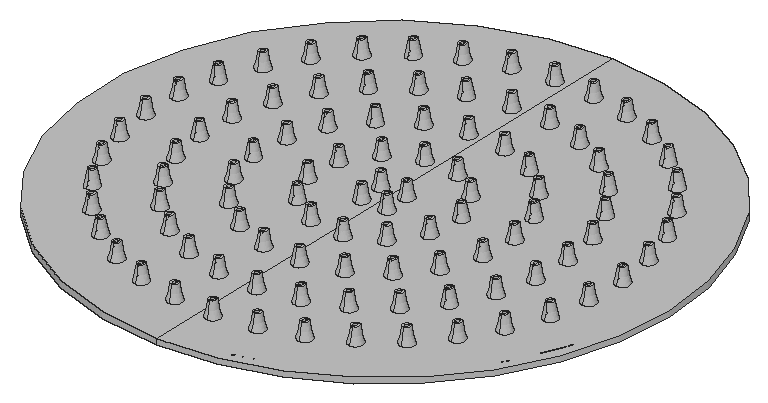
Revit family "Reece_Shower_Milli_Inox_Shower Head_250 mm", category Plumbing Fixtures, host Face, Revit 2018
Family settings
  Host = Face
  Round Connector Dimension = Use Diameter
  Part Type = Normal
  Cut with Voids When Loaded = No
  Shared = Yes
  Room Calculation Point = Yes
Parameters (values of type "Brushed Stainless Steel")
  WFU = 0  # constant formula
  URL = "https://www.reece.com.au/product/-2263355"
  Type Comments = "Shower"
  Reece_Tap_Inlet = 12 mm  # constant formula
  Reece_Product_Web Page = "https://www.reece.com.au/product/-2263355"
  Reece_Product_Type = "Shower"  # constant formula
  Reece_Product_Sub Brand = "Inox"  # constant formula
  Reece_Product_Number = "2263355"
  Reece_Product_Mount = "Ceiling Mounted"
  Reece_Product_Description = "Milli Inox Shower Head 250mm (3 Star)"
  Reece_Product_Brand = "Milli"  # constant formula
  Reece_Overall_Height = 47.5 mm  # constant formula
  Reece_Overall_Diameter = 250 mm  # constant formula
  Reece_Material_Main = Reece_Brass_Brushed Stainless Steel
  Reece_Detail_Shape = "Round"  # constant formula
  Reece_Detail_Disclaimer = "THIS FILE IS THE PROPERTY OF THE REECE GROUP. IT MAY NOT BE REPRODUCED, REVERSE-ENGINEERED OR MODIFIED. ANY REPUBLICATION, TRANSMISSION OR DISTRIBUTION FOR THE PURPOSE OF COMMERCIALLY EXPLOITING THE FILES IS PROHIBITED."  # constant formula
  Reece_Detail_Additional = "Shower Head"  # constant formula
  Model = "Inox"
  Manufacturer = "Milli"
  Keynote = "Product #2263355, Reece_Shower_Milli_Inox_Shower Head_250 mm - Brushed Stainless Steel"
  HWFU = 0  # constant formula
  Disclaimer = "THIS FILE IS THE PROPERTY OF THE REECE GROUP. IT MAY NOT BE REPRODUCED, REVERSE-ENGINEERED OR MODIFIED. ANY REPUBLICATION, TRANSMISSION OR DISTRIBUTION FOR THE PURPOSE OF COMMERCIALLY EXPLOITING THE FILES IS PROHIBITED."  # constant formula
  Description = "Milli Inox Shower Head 250mm"
  Default Elevation = 0 mm
  CWFU = 0  # constant formula
Reference planes
  plane 1 "Center (Front/Back)": y = 0
  plane 2: z = 0
  plane 3 "Center (Left/Right)": x = 0
  plane 4: x = -125
  plane 5: x = 125
  plane 6: y = 125
  plane 7: y = -125
  plane 8: z = 36
  plane 9: z = 47.5
Forms (mm)
  Revolve 1, solid, material "Reece_Brass_Brushed Stainless Steel" <- "Reece_Material_Main"
    sketch origin (0, 0, 35) x (0, 1, 0) y (0, 0, 1)
      loop
        line (0, 12.5) -> (0, 1) -> (103.143, 1) -> (117.002, 10) -> (125, 10) -> (125, 12.5) -> (0, 12.5)
      axis (0, 12.5) -> (0, 1)
    angle from 0 to 360
  Revolve 2, solid, material "Reece_Brass_Brushed Stainless Steel" <- "Reece_Material_Main"
    sketch origin (0, 0, 0) x (0, 1, 0) y (0, 0, 1)
      loop
        line (0, 0) -> (12, 0) -> (12, 10.5) -> (11, 10.5) -> (11, 12.5) -> (8.5, 12.5) -> (8.5, 15.5) -> (11, 16.666) -> (11, 18.5) -> (20, 18.5) -> (20, 36) -> (0, 36) -> (0, 0)
      axis (0, 36) -> (0, 0)
    angle from 0 to 360
  Revolve 3, solid, material "Reece_Brass_Brushed Stainless Steel" <- "Reece_Material_Main", detail levels fine
    sketch origin (-5.915, -54.091, 0) x (0, 1, 0) y (0, 0, 1)
      loop
        line (59.406, 47.5) -> (59.406, 53.464) -> (58.54, 53.464) -> (58.54, 54.266) -> (57.732, 54.266)
        arc (57.732, 54.266) -> (57.288, 50.832) -> (56.352, 47.5) r 23.819
        line (56.352, 47.5) -> (59.406, 47.5)
      axis (59.406, 47.5) -> (59.406, 54.266)
    angle from 0 to 360
  Revolve 4, solid, material "Reece_Brass_Brushed Stainless Steel" <- "Reece_Material_Main", detail levels fine
    sketch origin (-5.638, 53.739, 0) x (0, -1, 0) y (0, 0, -1)
      loop
        line (59.406, -47.5) -> (56.352, -47.5)
        arc (56.352, -47.5) -> (57.288, -50.832) -> (57.732, -54.266) r 23.819
        line (57.732, -54.266) -> (58.54, -54.266) -> (58.54, -53.464) -> (59.406, -53.464) -> (59.406, -47.5)
      axis (59.406, -47.5) -> (59.406, -54.266)
    angle from 0 to 360
  Revolve 5, solid, material "Reece_Brass_Brushed Stainless Steel" <- "Reece_Material_Main", detail levels fine
    sketch origin (5.365, -54.035, 0) x (0, 1, 0) y (0, 0, -1)
      loop
        line (59.406, -47.5) -> (56.352, -47.5)
        arc (56.352, -47.5) -> (57.288, -50.832) -> (57.732, -54.266) r 23.819
        line (57.732, -54.266) -> (58.54, -54.266) -> (58.54, -53.464) -> (59.406, -53.464) -> (59.406, -47.5)
      axis (59.406, -47.5) -> (59.406, -54.266)
    angle from 0 to 360
  Revolve 6, solid, material "Reece_Brass_Brushed Stainless Steel" <- "Reece_Material_Main", detail levels fine
    sketch origin (5.642, 53.684, 0) x (0, -1, 0) y (0, 0, 1)
      loop
        line (59.406, 47.5) -> (59.406, 53.464) -> (58.54, 53.464) -> (58.54, 54.266) -> (57.732, 54.266)
        arc (57.732, 54.266) -> (57.288, 50.832) -> (56.352, 47.5) r 23.819
        line (56.352, 47.5) -> (59.406, 47.5)
      axis (59.406, 47.5) -> (59.406, 54.266)
    angle from 0 to 360
  Revolve 7, solid, material "Reece_Brass_Brushed Stainless Steel" <- "Reece_Material_Main", detail levels fine
    sketch origin (-5.57, -30.349, 0) x (0, 1, 0) y (0, 0, 1)
      loop
        line (59.406, 47.5) -> (59.406, 53.464) -> (58.54, 53.464) -> (58.54, 54.266) -> (57.732, 54.266)
        arc (57.732, 54.266) -> (57.288, 50.832) -> (56.352, 47.5) r 23.819
        line (56.352, 47.5) -> (59.406, 47.5)
      axis (59.406, 47.5) -> (59.406, 54.266)
    angle from 0 to 360
  Revolve 8, solid, material "Reece_Brass_Brushed Stainless Steel" <- "Reece_Material_Main", detail levels fine
    sketch origin (-19.207, -37.001, 0) x (0, 1, 0) y (0, 0, 1)
      loop
        line (59.406, 47.5) -> (59.406, 53.464) -> (58.54, 53.464) -> (58.54, 54.266) -> (57.732, 54.266)
        arc (57.732, 54.266) -> (57.288, 50.832) -> (56.352, 47.5) r 23.819
        line (56.352, 47.5) -> (59.406, 47.5)
      axis (59.406, 47.5) -> (59.406, 54.266)
    angle from 0 to 360
  Revolve 9, solid, material "Reece_Brass_Brushed Stainless Steel" <- "Reece_Material_Main", detail levels fine
    sketch origin (-28.016, -49.666, 0) x (0, 1, 0) y (0, 0, 1)
      loop
        line (59.406, 47.5) -> (59.406, 53.464) -> (58.54, 53.464) -> (58.54, 54.266) -> (57.732, 54.266)
        arc (57.732, 54.266) -> (57.288, 50.832) -> (56.352, 47.5) r 23.819
        line (56.352, 47.5) -> (59.406, 47.5)
      axis (59.406, 47.5) -> (59.406, 54.266)
    angle from 0 to 360
  Revolve 10, solid, material "Reece_Brass_Brushed Stainless Steel" <- "Reece_Material_Main", detail levels fine
    sketch origin (-29.148, -65.062, 0) x (0, 1, 0) y (0, 0, 1)
      loop
        line (59.406, 47.5) -> (59.406, 53.464) -> (58.54, 53.464) -> (58.54, 54.266) -> (57.732, 54.266)
        arc (57.732, 54.266) -> (57.288, 50.832) -> (56.352, 47.5) r 23.819
        line (56.352, 47.5) -> (59.406, 47.5)
      axis (59.406, 47.5) -> (59.406, 54.266)
    angle from 0 to 360
  Revolve 11, solid, material "Reece_Brass_Brushed Stainless Steel" <- "Reece_Material_Main", detail levels fine
    sketch origin (-22.619, -79.06, 0) x (0, 1, 0) y (0, 0, 1)
      loop
        line (59.406, 47.5) -> (59.406, 53.464) -> (58.54, 53.464) -> (58.54, 54.266) -> (57.732, 54.266)
        arc (57.732, 54.266) -> (57.288, 50.832) -> (56.352, 47.5) r 23.819
        line (56.352, 47.5) -> (59.406, 47.5)
      axis (59.406, 47.5) -> (59.406, 54.266)
    angle from 0 to 360
  Revolve 12, solid, material "Reece_Brass_Brushed Stainless Steel" <- "Reece_Material_Main", detail levels fine
    sketch origin (-9.807, -87.517, 0) x (0, 1, 0) y (0, 0, 1)
      loop
        line (59.406, 47.5) -> (59.406, 53.464) -> (58.54, 53.464) -> (58.54, 54.266) -> (57.732, 54.266)
        arc (57.732, 54.266) -> (57.288, 50.832) -> (56.352, 47.5) r 23.819
        line (56.352, 47.5) -> (59.406, 47.5)
      axis (59.406, 47.5) -> (59.406, 54.266)
    angle from 0 to 360
  Revolve 13, solid, material "Reece_Brass_Brushed Stainless Steel" <- "Reece_Material_Main", detail levels fine
    sketch origin (9.656, -31.491, 0) x (0, 1, 0) y (0, 0, -1)
      loop
        line (59.406, -47.5) -> (56.352, -47.5)
        arc (56.352, -47.5) -> (57.288, -50.832) -> (57.732, -54.266) r 23.819
        line (57.732, -54.266) -> (58.54, -54.266) -> (58.54, -53.464) -> (59.406, -53.464) -> (59.406, -47.5)
      axis (59.406, -47.5) -> (59.406, -54.266)
    angle from 0 to 360
  Revolve 14, solid, material "Reece_Brass_Brushed Stainless Steel" <- "Reece_Material_Main", detail levels fine
    sketch origin (22.455, -40.206, 0) x (0, 1, 0) y (0, 0, -1)
      loop
        line (59.406, -47.5) -> (56.352, -47.5)
        arc (56.352, -47.5) -> (57.288, -50.832) -> (57.732, -54.266) r 23.819
        line (57.732, -54.266) -> (58.54, -54.266) -> (58.54, -53.464) -> (59.406, -53.464) -> (59.406, -47.5)
      axis (59.406, -47.5) -> (59.406, -54.266)
    angle from 0 to 360
  Revolve 15, solid, material "Reece_Brass_Brushed Stainless Steel" <- "Reece_Material_Main", detail levels fine
    sketch origin (29.227, -53.912, 0) x (0, 1, 0) y (0, 0, -1)
      loop
        line (59.406, -47.5) -> (56.352, -47.5)
        arc (56.352, -47.5) -> (57.288, -50.832) -> (57.732, -54.266) r 23.819
        line (57.732, -54.266) -> (58.54, -54.266) -> (58.54, -53.464) -> (59.406, -53.464) -> (59.406, -47.5)
      axis (59.406, -47.5) -> (59.406, -54.266)
    angle from 0 to 360
  Revolve 16, solid, material "Reece_Brass_Brushed Stainless Steel" <- "Reece_Material_Main", detail levels fine
    sketch origin (27.773, -69.466, 0) x (0, 1, 0) y (0, 0, -1)
      loop
        line (59.406, -47.5) -> (56.352, -47.5)
        arc (56.352, -47.5) -> (57.288, -50.832) -> (57.732, -54.266) r 23.819
        line (57.732, -54.266) -> (58.54, -54.266) -> (58.54, -53.464) -> (59.406, -53.464) -> (59.406, -47.5)
      axis (59.406, -47.5) -> (59.406, -54.266)
    angle from 0 to 360
  Revolve 17, solid, material "Reece_Brass_Brushed Stainless Steel" <- "Reece_Material_Main", detail levels fine
    sketch origin (19.126, -82.156, 0) x (0, 1, 0) y (0, 0, -1)
      loop
        line (59.406, -47.5) -> (56.352, -47.5)
        arc (56.352, -47.5) -> (57.288, -50.832) -> (57.732, -54.266) r 23.819
        line (57.732, -54.266) -> (58.54, -54.266) -> (58.54, -53.464) -> (59.406, -53.464) -> (59.406, -47.5)
      axis (59.406, -47.5) -> (59.406, -54.266)
    angle from 0 to 360
  Revolve 18, solid, material "Reece_Brass_Brushed Stainless Steel" <- "Reece_Material_Main", detail levels fine
    sketch origin (5.434, -88.987, 0) x (0, 1, 0) y (0, 0, -1)
      loop
        line (59.406, -47.5) -> (56.352, -47.5)
        arc (56.352, -47.5) -> (57.288, -50.832) -> (57.732, -54.266) r 23.819
        line (57.732, -54.266) -> (58.54, -54.266) -> (58.54, -53.464) -> (59.406, -53.464) -> (59.406, -47.5)
      axis (59.406, -47.5) -> (59.406, -54.266)
    angle from 0 to 360
  Revolve 19, solid, material "Reece_Brass_Brushed Stainless Steel" <- "Reece_Material_Main", detail levels fine
    sketch origin (-5.367, -6.648, 0) x (0, 1, 0) y (0, 0, 1)
      loop
        line (59.406, 47.5) -> (59.406, 53.464) -> (58.54, 53.464) -> (58.54, 54.266) -> (57.732, 54.266)
        arc (57.732, 54.266) -> (57.288, 50.832) -> (56.352, 47.5) r 23.819
        line (56.352, 47.5) -> (59.406, 47.5)
      axis (59.406, 47.5) -> (59.406, 54.266)
    angle from 0 to 360
  Revolve 20, solid, material "Reece_Brass_Brushed Stainless Steel" <- "Reece_Material_Main", detail levels fine
    sketch origin (-21.644, -10.896, 0) x (0, 1, 0) y (0, 0, 1)
      loop
        line (59.406, 47.5) -> (59.406, 53.464) -> (58.54, 53.464) -> (58.54, 54.266) -> (57.732, 54.266)
        arc (57.732, 54.266) -> (57.288, 50.832) -> (56.352, 47.5) r 23.819
        line (56.352, 47.5) -> (59.406, 47.5)
      axis (59.406, 47.5) -> (59.406, 54.266)
    angle from 0 to 360
  Revolve 21, solid, material "Reece_Brass_Brushed Stainless Steel" <- "Reece_Material_Main", detail levels fine
    sketch origin (-35.595, -20.018, 0) x (0, 1, 0) y (0, 0, 1)
      loop
        line (59.406, 47.5) -> (59.406, 53.464) -> (58.54, 53.464) -> (58.54, 54.266) -> (57.732, 54.266)
        arc (57.732, 54.266) -> (57.288, 50.832) -> (56.352, 47.5) r 23.819
        line (56.352, 47.5) -> (59.406, 47.5)
      axis (59.406, 47.5) -> (59.406, 54.266)
    angle from 0 to 360
  Revolve 22, solid, material "Reece_Brass_Brushed Stainless Steel" <- "Reece_Material_Main", detail levels fine
    sketch origin (-46.121, -33.022, 0) x (0, 1, 0) y (0, 0, 1)
      loop
        line (59.406, 47.5) -> (59.406, 53.464) -> (58.54, 53.464) -> (58.54, 54.266) -> (57.732, 54.266)
        arc (57.732, 54.266) -> (57.288, 50.832) -> (56.352, 47.5) r 23.819
        line (56.352, 47.5) -> (59.406, 47.5)
      axis (59.406, 47.5) -> (59.406, 54.266)
    angle from 0 to 360
  Revolve 23, solid, material "Reece_Brass_Brushed Stainless Steel" <- "Reece_Material_Main", detail levels fine
    sketch origin (-75.996, -48.126, 0) x (0, 1, 0) y (0, 0, 1)
      loop
        line (59.406, 47.5) -> (59.406, 53.464) -> (58.54, 53.464) -> (58.54, 54.266) -> (57.732, 54.266)
        arc (57.732, 54.266) -> (57.288, 50.832) -> (56.352, 47.5) r 23.819
        line (56.352, 47.5) -> (59.406, 47.5)
      axis (59.406, 47.5) -> (59.406, 54.266)
    angle from 0 to 360
  Revolve 24, solid, material "Reece_Brass_Brushed Stainless Steel" <- "Reece_Material_Main", detail levels fine
    sketch origin (-76.537, -65.301, 0) x (0, 1, 0) y (0, 0, 1)
      loop
        line (59.406, 47.5) -> (59.406, 53.464) -> (58.54, 53.464) -> (58.54, 54.266) -> (57.732, 54.266)
        arc (57.732, 54.266) -> (57.288, 50.832) -> (56.352, 47.5) r 23.819
        line (56.352, 47.5) -> (59.406, 47.5)
      axis (59.406, 47.5) -> (59.406, 54.266)
    angle from 0 to 360
  Revolve 25, solid, material "Reece_Brass_Brushed Stainless Steel" <- "Reece_Material_Main", detail levels fine
    sketch origin (-73.476, -82.078, 0) x (0, 1, 0) y (0, 0, 1)
      loop
        line (59.406, 47.5) -> (59.406, 53.464) -> (58.54, 53.464) -> (58.54, 54.266) -> (57.732, 54.266)
        arc (57.732, 54.266) -> (57.288, 50.832) -> (56.352, 47.5) r 23.819
        line (56.352, 47.5) -> (59.406, 47.5)
      axis (59.406, 47.5) -> (59.406, 54.266)
    angle from 0 to 360
  Revolve 26, solid, material "Reece_Brass_Brushed Stainless Steel" <- "Reece_Material_Main", detail levels fine
    sketch origin (-39.607, -95.299, 0) x (0, 1, 0) y (0, 0, 1)
      loop
        line (59.406, 47.5) -> (59.406, 53.464) -> (58.54, 53.464) -> (58.54, 54.266) -> (57.732, 54.266)
        arc (57.732, 54.266) -> (57.288, 50.832) -> (56.352, 47.5) r 23.819
        line (56.352, 47.5) -> (59.406, 47.5)
      axis (59.406, 47.5) -> (59.406, 54.266)
    angle from 0 to 360
  Revolve 27, solid, material "Reece_Brass_Brushed Stainless Steel" <- "Reece_Material_Main", detail levels fine
    sketch origin (-26.546, -130.642, 0) x (0, 1, 0) y (0, 0, 1)
      loop
        line (84.406, 47.5) -> (84.406, 53.464) -> (83.54, 53.464) -> (83.54, 54.266) -> (82.732, 54.266)
        arc (82.732, 54.266) -> (82.288, 50.832) -> (81.352, 47.5) r 23.819
        line (81.352, 47.5) -> (84.406, 47.5)
      axis (84.406, 47.5) -> (84.406, 54.266)
    angle from 0 to 360
  Revolve 28, solid, material "Reece_Brass_Brushed Stainless Steel" <- "Reece_Material_Main", detail levels fine
    sketch origin (5.202, -137.614, 0) x (0, 1, 0) y (0, 0, 1)
      loop
        line (84.406, 47.5) -> (84.406, 53.464) -> (83.54, 53.464) -> (83.54, 54.266) -> (82.732, 54.266)
        arc (82.732, 54.266) -> (82.288, 50.832) -> (81.352, 47.5) r 23.819
        line (81.352, 47.5) -> (84.406, 47.5)
      axis (84.406, 47.5) -> (84.406, 54.266)
    angle from 0 to 360
  Revolve 29, solid, material "Reece_Brass_Brushed Stainless Steel" <- "Reece_Material_Main", detail levels fine
    sketch origin (21.649, -133.325, 0) x (0, 1, 0) y (0, 0, 1)
      loop
        line (84.406, 47.5) -> (84.406, 53.464) -> (83.54, 53.464) -> (83.54, 54.266) -> (82.732, 54.266)
        arc (82.732, 54.266) -> (82.288, 50.832) -> (81.352, 47.5) r 23.819
        line (81.352, 47.5) -> (84.406, 47.5)
      axis (84.406, 47.5) -> (84.406, 54.266)
    angle from 0 to 360
  Revolve 30, solid, material "Reece_Brass_Brushed Stainless Steel" <- "Reece_Material_Main", detail levels fine
    sketch origin (35.564, -124.309, 0) x (0, 1, 0) y (0, 0, 1)
      loop
        line (84.406, 47.5) -> (84.406, 53.464) -> (83.54, 53.464) -> (83.54, 54.266) -> (82.732, 54.266)
        arc (82.732, 54.266) -> (82.288, 50.832) -> (81.352, 47.5) r 23.819
        line (81.352, 47.5) -> (84.406, 47.5)
      axis (84.406, 47.5) -> (84.406, 54.266)
    angle from 0 to 360
  Revolve 31, solid, material "Reece_Brass_Brushed Stainless Steel" <- "Reece_Material_Main", detail levels fine
    sketch origin (-11.268, -111.643, 0) x (0, 1, 0) y (0, 0, 1)
      loop
        line (59.406, 47.5) -> (59.406, 53.464) -> (58.54, 53.464) -> (58.54, 54.266) -> (57.732, 54.266)
        arc (57.732, 54.266) -> (57.288, 50.832) -> (56.352, 47.5) r 23.819
        line (56.352, 47.5) -> (59.406, 47.5)
      axis (59.406, 47.5) -> (59.406, 54.266)
    angle from 0 to 360
  Revolve 32, solid, material "Reece_Brass_Brushed Stainless Steel" <- "Reece_Material_Main", detail levels fine
    sketch origin (45.981, -86.551, 0) x (0, 1, 0) y (0, 0, 1)
      loop
        line (59.406, 47.5) -> (59.406, 53.464) -> (58.54, 53.464) -> (58.54, 54.266) -> (57.732, 54.266)
        arc (57.732, 54.266) -> (57.288, 50.832) -> (56.352, 47.5) r 23.819
        line (56.352, 47.5) -> (59.406, 47.5)
      axis (59.406, 47.5) -> (59.406, 54.266)
    angle from 0 to 360
  Revolve 33, solid, material "Reece_Brass_Brushed Stainless Steel" <- "Reece_Material_Main", detail levels fine
    sketch origin (51.96, -70.614, 0) x (0, 1, 0) y (0, 0, 1)
      loop
        line (59.406, 47.5) -> (59.406, 53.464) -> (58.54, 53.464) -> (58.54, 54.266) -> (57.732, 54.266)
        arc (57.732, 54.266) -> (57.288, 50.832) -> (56.352, 47.5) r 23.819
        line (56.352, 47.5) -> (59.406, 47.5)
      axis (59.406, 47.5) -> (59.406, 54.266)
    angle from 0 to 360
  Revolve 34, solid, material "Reece_Brass_Brushed Stainless Steel" <- "Reece_Material_Main", detail levels fine
    sketch origin (52.876, -54.116, 0) x (0, 1, 0) y (0, 0, 1)
      loop
        line (59.406, 47.5) -> (59.406, 53.464) -> (58.54, 53.464) -> (58.54, 54.266) -> (57.732, 54.266)
        arc (57.732, 54.266) -> (57.288, 50.832) -> (56.352, 47.5) r 23.819
        line (56.352, 47.5) -> (59.406, 47.5)
      axis (59.406, 47.5) -> (59.406, 54.266)
    angle from 0 to 360
  Revolve 35, solid, material "Reece_Brass_Brushed Stainless Steel" <- "Reece_Material_Main", detail levels fine
    sketch origin (48.559, -38.136, 0) x (0, 1, 0) y (0, 0, 1)
      loop
        line (59.406, 47.5) -> (59.406, 53.464) -> (58.54, 53.464) -> (58.54, 54.266) -> (57.732, 54.266)
        arc (57.732, 54.266) -> (57.288, 50.832) -> (56.352, 47.5) r 23.819
        line (56.352, 47.5) -> (59.406, 47.5)
      axis (59.406, 47.5) -> (59.406, 54.266)
    angle from 0 to 360
  Revolve 36, solid, material "Reece_Brass_Brushed Stainless Steel" <- "Reece_Material_Main", detail levels fine
    sketch origin (39.574, -24.335, 0) x (0, 1, 0) y (0, 0, 1)
      loop
        line (59.406, 47.5) -> (59.406, 53.464) -> (58.54, 53.464) -> (58.54, 54.266) -> (57.732, 54.266)
        arc (57.732, 54.266) -> (57.288, 50.832) -> (56.352, 47.5) r 23.819
        line (56.352, 47.5) -> (59.406, 47.5)
      axis (59.406, 47.5) -> (59.406, 54.266)
    angle from 0 to 360
  Revolve 37, solid, material "Reece_Brass_Brushed Stainless Steel" <- "Reece_Material_Main", detail levels fine
    sketch origin (26.821, -13.678, 0) x (0, 1, 0) y (0, 0, 1)
      loop
        line (59.406, 47.5) -> (59.406, 53.464) -> (58.54, 53.464) -> (58.54, 54.266) -> (57.732, 54.266)
        arc (57.732, 54.266) -> (57.288, 50.832) -> (56.352, 47.5) r 23.819
        line (56.352, 47.5) -> (59.406, 47.5)
      axis (59.406, 47.5) -> (59.406, 54.266)
    angle from 0 to 360
  Revolve 38, solid, material "Reece_Brass_Brushed Stainless Steel" <- "Reece_Material_Main", detail levels fine
    sketch origin (11.238, -7.616, 0) x (0, 1, 0) y (0, 0, 1)
      loop
        line (59.406, 47.5) -> (59.406, 53.464) -> (58.54, 53.464) -> (58.54, 54.266) -> (57.732, 54.266)
        arc (57.732, 54.266) -> (57.288, 50.832) -> (56.352, 47.5) r 23.819
        line (56.352, 47.5) -> (59.406, 47.5)
      axis (59.406, 47.5) -> (59.406, 54.266)
    angle from 0 to 360
  Revolve 39, solid, material "Reece_Brass_Brushed Stainless Steel" <- "Reece_Material_Main", detail levels fine
    sketch origin (-5.268, 16.854, 0) x (0, 1, 0) y (0, 0, 1)
      loop
        line (59.406, 47.5) -> (59.406, 53.464) -> (58.54, 53.464) -> (58.54, 54.266) -> (57.732, 54.266)
        arc (57.732, 54.266) -> (57.288, 50.832) -> (56.352, 47.5) r 23.819
        line (56.352, 47.5) -> (59.406, 47.5)
      axis (59.406, 47.5) -> (59.406, 54.266)
    angle from 0 to 360
  Revolve 40, solid, material "Reece_Brass_Brushed Stainless Steel" <- "Reece_Material_Main", detail levels fine
    sketch origin (-22.729, 13.73, 0) x (0, 1, 0) y (0, 0, 1)
      loop
        line (59.406, 47.5) -> (59.406, 53.464) -> (58.54, 53.464) -> (58.54, 54.266) -> (57.732, 54.266)
        arc (57.732, 54.266) -> (57.288, 50.832) -> (56.352, 47.5) r 23.819
        line (56.352, 47.5) -> (59.406, 47.5)
      axis (59.406, 47.5) -> (59.406, 54.266)
    angle from 0 to 360
  Revolve 41, solid, material "Reece_Brass_Brushed Stainless Steel" <- "Reece_Material_Main", detail levels fine
    sketch origin (-38.259, 7.016, 0) x (0, 1, 0) y (0, 0, 1)
      loop
        line (59.406, 47.5) -> (59.406, 53.464) -> (58.54, 53.464) -> (58.54, 54.266) -> (57.732, 54.266)
        arc (57.732, 54.266) -> (57.288, 50.832) -> (56.352, 47.5) r 23.819
        line (56.352, 47.5) -> (59.406, 47.5)
      axis (59.406, 47.5) -> (59.406, 54.266)
    angle from 0 to 360
  Revolve 42, solid, material "Reece_Brass_Brushed Stainless Steel" <- "Reece_Material_Main", detail levels fine
    sketch origin (-54.933, 24.917, 0) x (0, 1, 0) y (0, 0, 1)
      loop
        line (59.406, 47.5) -> (59.406, 53.464) -> (58.54, 53.464) -> (58.54, 54.266) -> (57.732, 54.266)
        arc (57.732, 54.266) -> (57.288, 50.832) -> (56.352, 47.5) r 23.819
        line (56.352, 47.5) -> (59.406, 47.5)
      axis (59.406, 47.5) -> (59.406, 54.266)
    angle from 0 to 360
  Revolve 43, solid, material "Reece_Brass_Brushed Stainless Steel" <- "Reece_Material_Main", detail levels fine
    sketch origin (-80.595, 0.826, 0) x (0, 1, 0) y (0, 0, 1)
      loop
        line (59.406, 47.5) -> (59.406, 53.464) -> (58.54, 53.464) -> (58.54, 54.266) -> (57.732, 54.266)
        arc (57.732, 54.266) -> (57.288, 50.832) -> (56.352, 47.5) r 23.819
        line (56.352, 47.5) -> (59.406, 47.5)
      axis (59.406, 47.5) -> (59.406, 54.266)
    angle from 0 to 360
  Revolve 44, solid, material "Reece_Brass_Brushed Stainless Steel" <- "Reece_Material_Main", detail levels fine
    sketch origin (-89.68, -13.978, 0) x (0, 1, 0) y (0, 0, 1)
      loop
        line (59.406, 47.5) -> (59.406, 53.464) -> (58.54, 53.464) -> (58.54, 54.266) -> (57.732, 54.266)
        arc (57.732, 54.266) -> (57.288, 50.832) -> (56.352, 47.5) r 23.819
        line (56.352, 47.5) -> (59.406, 47.5)
      axis (59.406, 47.5) -> (59.406, 54.266)
    angle from 0 to 360
  Revolve 45, solid, material "Reece_Brass_Brushed Stainless Steel" <- "Reece_Material_Main", detail levels fine
    sketch origin (-99.943, -47.498, 0) x (0, 1, 0) y (0, 0, 1)
      loop
        line (59.406, 47.5) -> (59.406, 53.464) -> (58.54, 53.464) -> (58.54, 54.266) -> (57.732, 54.266)
        arc (57.732, 54.266) -> (57.288, 50.832) -> (56.352, 47.5) r 23.819
        line (56.352, 47.5) -> (59.406, 47.5)
      axis (59.406, 47.5) -> (59.406, 54.266)
    angle from 0 to 360
  Revolve 46, solid, material "Reece_Brass_Brushed Stainless Steel" <- "Reece_Material_Main", detail levels fine
    sketch origin (-100.557, -64.837, 0) x (0, 1, 0) y (0, 0, 1)
      loop
        line (59.406, 47.5) -> (59.406, 53.464) -> (58.54, 53.464) -> (58.54, 54.266) -> (57.732, 54.266)
        arc (57.732, 54.266) -> (57.288, 50.832) -> (56.352, 47.5) r 23.819
        line (56.352, 47.5) -> (59.406, 47.5)
      axis (59.406, 47.5) -> (59.406, 54.266)
    angle from 0 to 360
  Revolve 47, solid, material "Reece_Brass_Brushed Stainless Steel" <- "Reece_Material_Main", detail levels fine
    sketch origin (-97.917, -82.358, 0) x (0, 1, 0) y (0, 0, 1)
      loop
        line (59.406, 47.5) -> (59.406, 53.464) -> (58.54, 53.464) -> (58.54, 54.266) -> (57.732, 54.266)
        arc (57.732, 54.266) -> (57.288, 50.832) -> (56.352, 47.5) r 23.819
        line (56.352, 47.5) -> (59.406, 47.5)
      axis (59.406, 47.5) -> (59.406, 54.266)
    angle from 0 to 360
  Revolve 48, solid, material "Reece_Brass_Brushed Stainless Steel" <- "Reece_Material_Main", detail levels fine
    sketch origin (-92.473, -99.036, 0) x (0, 1, 0) y (0, 0, 1)
      loop
        line (59.406, 47.5) -> (59.406, 53.464) -> (58.54, 53.464) -> (58.54, 54.266) -> (57.732, 54.266)
        arc (57.732, 54.266) -> (57.288, 50.832) -> (56.352, 47.5) r 23.819
        line (56.352, 47.5) -> (59.406, 47.5)
      axis (59.406, 47.5) -> (59.406, 54.266)
    angle from 0 to 360
  Revolve 49, solid, material "Reece_Brass_Brushed Stainless Steel" <- "Reece_Material_Main", detail levels fine
    sketch origin (-66.457, -122.878, 0) x (0, 1, 0) y (0, 0, 1)
      loop
        line (84.406, 47.5) -> (84.406, 53.464) -> (83.54, 53.464) -> (83.54, 54.266) -> (82.732, 54.266)
        arc (82.732, 54.266) -> (82.288, 50.832) -> (81.352, 47.5) r 23.819
        line (81.352, 47.5) -> (84.406, 47.5)
      axis (84.406, 47.5) -> (84.406, 54.266)
    angle from 0 to 360
  Revolve 50, solid, material "Reece_Brass_Brushed Stainless Steel" <- "Reece_Material_Main", detail levels fine
    sketch origin (-56.559, -136.824, 0) x (0, 1, 0) y (0, 0, 1)
      loop
        line (84.406, 47.5) -> (84.406, 53.464) -> (83.54, 53.464) -> (83.54, 54.266) -> (82.732, 54.266)
        arc (82.732, 54.266) -> (82.288, 50.832) -> (81.352, 47.5) r 23.819
        line (81.352, 47.5) -> (84.406, 47.5)
      axis (84.406, 47.5) -> (84.406, 54.266)
    angle from 0 to 360
  Revolve 51, solid, material "Reece_Brass_Brushed Stainless Steel" <- "Reece_Material_Main", detail levels fine
    sketch origin (-28.315, -156.285, 0) x (0, 1, 0) y (0, 0, 1)
      loop
        line (84.406, 47.5) -> (84.406, 53.464) -> (83.54, 53.464) -> (83.54, 54.266) -> (82.732, 54.266)
        arc (82.732, 54.266) -> (82.288, 50.832) -> (81.352, 47.5) r 23.819
        line (81.352, 47.5) -> (84.406, 47.5)
      axis (84.406, 47.5) -> (84.406, 54.266)
    angle from 0 to 360
  Revolve 52, solid, material "Reece_Brass_Brushed Stainless Steel" <- "Reece_Material_Main", detail levels fine
    sketch origin (-11.589, -160.948, 0) x (0, 1, 0) y (0, 0, 1)
      loop
        line (84.406, 47.5) -> (84.406, 53.464) -> (83.54, 53.464) -> (83.54, 54.266) -> (82.732, 54.266)
        arc (82.732, 54.266) -> (82.288, 50.832) -> (81.352, 47.5) r 23.819
        line (81.352, 47.5) -> (84.406, 47.5)
      axis (84.406, 47.5) -> (84.406, 54.266)
    angle from 0 to 360
  Revolve 53, solid, material "Reece_Brass_Brushed Stainless Steel" <- "Reece_Material_Main", detail levels fine
    sketch origin (5.596, -161.448, 0) x (0, 1, 0) y (0, 0, 1)
      loop
        line (84.406, 47.5) -> (84.406, 53.464) -> (83.54, 53.464) -> (83.54, 54.266) -> (82.732, 54.266)
        arc (82.732, 54.266) -> (82.288, 50.832) -> (81.352, 47.5) r 23.819
        line (81.352, 47.5) -> (84.406, 47.5)
      axis (84.406, 47.5) -> (84.406, 54.266)
    angle from 0 to 360
  Revolve 54, solid, material "Reece_Brass_Brushed Stainless Steel" <- "Reece_Material_Main", detail levels fine
    sketch origin (22.483, -158.308, 0) x (0, 1, 0) y (0, 0, 1)
      loop
        line (84.406, 47.5) -> (84.406, 53.464) -> (83.54, 53.464) -> (83.54, 54.266) -> (82.732, 54.266)
        arc (82.732, 54.266) -> (82.288, 50.832) -> (81.352, 47.5) r 23.819
        line (81.352, 47.5) -> (84.406, 47.5)
      axis (84.406, 47.5) -> (84.406, 54.266)
    angle from 0 to 360
  Revolve 55, solid, material "Reece_Brass_Brushed Stainless Steel" <- "Reece_Material_Main", detail levels fine
    sketch origin (38.096, -151.602, 0) x (0, 1, 0) y (0, 0, 1)
      loop
        line (84.406, 47.5) -> (84.406, 53.464) -> (83.54, 53.464) -> (83.54, 54.266) -> (82.732, 54.266)
        arc (82.732, 54.266) -> (82.288, 50.832) -> (81.352, 47.5) r 23.819
        line (81.352, 47.5) -> (84.406, 47.5)
      axis (84.406, 47.5) -> (84.406, 54.266)
    angle from 0 to 360
  Revolve 56, solid, material "Reece_Brass_Brushed Stainless Steel" <- "Reece_Material_Main", detail levels fine
    sketch origin (63.408, -128.226, 0) x (0, 1, 0) y (0, 0, 1)
      loop
        line (84.406, 47.5) -> (84.406, 53.464) -> (83.54, 53.464) -> (83.54, 54.266) -> (82.732, 54.266)
        arc (82.732, 54.266) -> (82.288, 50.832) -> (81.352, 47.5) r 23.819
        line (81.352, 47.5) -> (84.406, 47.5)
      axis (84.406, 47.5) -> (84.406, 54.266)
    angle from 0 to 360
  Revolve 57, solid, material "Reece_Brass_Brushed Stainless Steel" <- "Reece_Material_Main", detail levels fine
    sketch origin (71.722, -112.95, 0) x (0, 1, 0) y (0, 0, 1)
      loop
        line (84.406, 47.5) -> (84.406, 53.464) -> (83.54, 53.464) -> (83.54, 54.266) -> (82.732, 54.266)
        arc (82.732, 54.266) -> (82.288, 50.832) -> (81.352, 47.5) r 23.819
        line (81.352, 47.5) -> (84.406, 47.5)
      axis (84.406, 47.5) -> (84.406, 54.266)
    angle from 0 to 360
  Revolve 58, solid, material "Reece_Brass_Brushed Stainless Steel" <- "Reece_Material_Main", detail levels fine
    sketch origin (76.046, -71.575, 0) x (0, 1, 0) y (0, 0, 1)
      loop
        line (59.406, 47.5) -> (59.406, 53.464) -> (58.54, 53.464) -> (58.54, 54.266) -> (57.732, 54.266)
        arc (57.732, 54.266) -> (57.288, 50.832) -> (56.352, 47.5) r 23.819
        line (56.352, 47.5) -> (59.406, 47.5)
      axis (59.406, 47.5) -> (59.406, 54.266)
    angle from 0 to 360
  Revolve 59, solid, material "Reece_Brass_Brushed Stainless Steel" <- "Reece_Material_Main", detail levels fine
    sketch origin (76.31, -54.273, 0) x (0, 1, 0) y (0, 0, 1)
      loop
        line (59.406, 47.5) -> (59.406, 53.464) -> (58.54, 53.464) -> (58.54, 54.266) -> (57.732, 54.266)
        arc (57.732, 54.266) -> (57.288, 50.832) -> (56.352, 47.5) r 23.819
        line (56.352, 47.5) -> (59.406, 47.5)
      axis (59.406, 47.5) -> (59.406, 54.266)
    angle from 0 to 360
  Revolve 60, solid, material "Reece_Brass_Brushed Stainless Steel" <- "Reece_Material_Main", detail levels fine
    sketch origin (73.633, -37.299, 0) x (0, 1, 0) y (0, 0, 1)
      loop
        line (59.406, 47.5) -> (59.406, 53.464) -> (58.54, 53.464) -> (58.54, 54.266) -> (57.732, 54.266)
        arc (57.732, 54.266) -> (57.288, 50.832) -> (56.352, 47.5) r 23.819
        line (56.352, 47.5) -> (59.406, 47.5)
      axis (59.406, 47.5) -> (59.406, 54.266)
    angle from 0 to 360
  Revolve 61, solid, material "Reece_Brass_Brushed Stainless Steel" <- "Reece_Material_Main", detail levels fine
    sketch origin (66.47, -21.508, 0) x (0, 1, 0) y (0, 0, 1)
      loop
        line (59.406, 47.5) -> (59.406, 53.464) -> (58.54, 53.464) -> (58.54, 54.266) -> (57.732, 54.266)
        arc (57.732, 54.266) -> (57.288, 50.832) -> (56.352, 47.5) r 23.819
        line (56.352, 47.5) -> (59.406, 47.5)
      axis (59.406, 47.5) -> (59.406, 54.266)
    angle from 0 to 360
  Revolve 62, solid, material "Reece_Brass_Brushed Stainless Steel" <- "Reece_Material_Main", detail levels fine
    sketch origin (56.499, -7.445, 0) x (0, 1, 0) y (0, 0, 1)
      loop
        line (59.406, 47.5) -> (59.406, 53.464) -> (58.54, 53.464) -> (58.54, 54.266) -> (57.732, 54.266)
        arc (57.732, 54.266) -> (57.288, 50.832) -> (56.352, 47.5) r 23.819
        line (56.352, 47.5) -> (59.406, 47.5)
      axis (59.406, 47.5) -> (59.406, 54.266)
    angle from 0 to 360
  Revolve 63, solid, material "Reece_Brass_Brushed Stainless Steel" <- "Reece_Material_Main", detail levels fine
    sketch origin (43.514, 3.756, 0) x (0, 1, 0) y (0, 0, 1)
      loop
        line (59.406, 47.5) -> (59.406, 53.464) -> (58.54, 53.464) -> (58.54, 54.266) -> (57.732, 54.266)
        arc (57.732, 54.266) -> (57.288, 50.832) -> (56.352, 47.5) r 23.819
        line (56.352, 47.5) -> (59.406, 47.5)
      axis (59.406, 47.5) -> (59.406, 54.266)
    angle from 0 to 360
  Revolve 64, solid, material "Reece_Brass_Brushed Stainless Steel" <- "Reece_Material_Main", detail levels fine
    sketch origin (28.432, 11.984, 0) x (0, 1, 0) y (0, 0, 1)
      loop
        line (59.406, 47.5) -> (59.406, 53.464) -> (58.54, 53.464) -> (58.54, 54.266) -> (57.732, 54.266)
        arc (57.732, 54.266) -> (57.288, 50.832) -> (56.352, 47.5) r 23.819
        line (56.352, 47.5) -> (59.406, 47.5)
      axis (59.406, 47.5) -> (59.406, 54.266)
    angle from 0 to 360
  Revolve 65, solid, material "Reece_Brass_Brushed Stainless Steel" <- "Reece_Material_Main", detail levels fine
    sketch origin (11.688, 16.535, 0) x (0, 1, 0) y (0, 0, 1)
      loop
        line (59.406, 47.5) -> (59.406, 53.464) -> (58.54, 53.464) -> (58.54, 54.266) -> (57.732, 54.266)
        arc (57.732, 54.266) -> (57.288, 50.832) -> (56.352, 47.5) r 23.819
        line (56.352, 47.5) -> (59.406, 47.5)
      axis (59.406, 47.5) -> (59.406, 54.266)
    angle from 0 to 360
  Revolve 66, solid, material "Reece_Brass_Brushed Stainless Steel" <- "Reece_Material_Main", detail levels fine
    sketch origin (12.044, 65.116, 0) x (0, 1, 0) y (0, 0, 1)
      loop
        line (34.406, 47.5) -> (34.406, 53.464) -> (33.54, 53.464) -> (33.54, 54.266) -> (32.732, 54.266)
        arc (32.732, 54.266) -> (32.288, 50.832) -> (31.352, 47.5) r 23.819
        line (31.352, 47.5) -> (34.406, 47.5)
      axis (34.406, 47.5) -> (34.406, 54.266)
    angle from 0 to 360
  Revolve 67, solid, material "Reece_Brass_Brushed Stainless Steel" <- "Reece_Material_Main", detail levels fine
    sketch origin (45.468, 55.367, 0) x (0, 1, 0) y (0, 0, 1)
      loop
        line (34.406, 47.5) -> (34.406, 53.464) -> (33.54, 53.464) -> (33.54, 54.266) -> (32.732, 54.266)
        arc (32.732, 54.266) -> (32.288, 50.832) -> (31.352, 47.5) r 23.819
        line (31.352, 47.5) -> (34.406, 47.5)
      axis (34.406, 47.5) -> (34.406, 54.266)
    angle from 0 to 360
  Revolve 68, solid, material "Reece_Brass_Brushed Stainless Steel" <- "Reece_Material_Main", detail levels fine
    sketch origin (60.309, 45.721, 0) x (0, 1, 0) y (0, 0, 1)
      loop
        line (34.406, 47.5) -> (34.406, 53.464) -> (33.54, 53.464) -> (33.54, 54.266) -> (32.732, 54.266)
        arc (32.732, 54.266) -> (32.288, 50.832) -> (31.352, 47.5) r 23.819
        line (31.352, 47.5) -> (34.406, 47.5)
      axis (34.406, 47.5) -> (34.406, 54.266)
    angle from 0 to 360
  Revolve 69, solid, material "Reece_Brass_Brushed Stainless Steel" <- "Reece_Material_Main", detail levels fine
    sketch origin (29.129, 36.804, 0) x (0, 1, 0) y (0, 0, 1)
      loop
        line (59.406, 47.5) -> (59.406, 53.464) -> (58.54, 53.464) -> (58.54, 54.266) -> (57.732, 54.266)
        arc (57.732, 54.266) -> (57.288, 50.832) -> (56.352, 47.5) r 23.819
        line (56.352, 47.5) -> (59.406, 47.5)
      axis (59.406, 47.5) -> (59.406, 54.266)
    angle from 0 to 360
  Revolve 70, solid, material "Reece_Brass_Brushed Stainless Steel" <- "Reece_Material_Main", detail levels fine
    sketch origin (73.403, 9.23, 0) x (0, 1, 0) y (0, 0, 1)
      loop
        line (59.406, 47.5) -> (59.406, 53.464) -> (58.54, 53.464) -> (58.54, 54.266) -> (57.732, 54.266)
        arc (57.732, 54.266) -> (57.288, 50.832) -> (56.352, 47.5) r 23.819
        line (56.352, 47.5) -> (59.406, 47.5)
      axis (59.406, 47.5) -> (59.406, 54.266)
    angle from 0 to 360
  Revolve 71, solid, material "Reece_Brass_Brushed Stainless Steel" <- "Reece_Material_Main", detail levels fine
    sketch origin (84.287, -4.745, 0) x (0, 1, 0) y (0, 0, 1)
      loop
        line (59.406, 47.5) -> (59.406, 53.464) -> (58.54, 53.464) -> (58.54, 54.266) -> (57.732, 54.266)
        arc (57.732, 54.266) -> (57.288, 50.832) -> (56.352, 47.5) r 23.819
        line (56.352, 47.5) -> (59.406, 47.5)
      axis (59.406, 47.5) -> (59.406, 54.266)
    angle from 0 to 360
  Revolve 72, solid, material "Reece_Brass_Brushed Stainless Steel" <- "Reece_Material_Main", detail levels fine
    sketch origin (92.442, -20.024, 0) x (0, 1, 0) y (0, 0, 1)
      loop
        line (59.406, 47.5) -> (59.406, 53.464) -> (58.54, 53.464) -> (58.54, 54.266) -> (57.732, 54.266)
        arc (57.732, 54.266) -> (57.288, 50.832) -> (56.352, 47.5) r 23.819
        line (56.352, 47.5) -> (59.406, 47.5)
      axis (59.406, 47.5) -> (59.406, 54.266)
    angle from 0 to 360
  Revolve 73, solid, material "Reece_Brass_Brushed Stainless Steel" <- "Reece_Material_Main", detail levels fine
    sketch origin (97.825, -36.891, 0) x (0, 1, 0) y (0, 0, 1)
      loop
        line (59.406, 47.5) -> (59.406, 53.464) -> (58.54, 53.464) -> (58.54, 54.266) -> (57.732, 54.266)
        arc (57.732, 54.266) -> (57.288, 50.832) -> (56.352, 47.5) r 23.819
        line (56.352, 47.5) -> (59.406, 47.5)
      axis (59.406, 47.5) -> (59.406, 54.266)
    angle from 0 to 360
  Revolve 74, solid, material "Reece_Brass_Brushed Stainless Steel" <- "Reece_Material_Main", detail levels fine
    sketch origin (100.213, -54.311, 0) x (0, 1, 0) y (0, 0, 1)
      loop
        line (59.406, 47.5) -> (59.406, 53.464) -> (58.54, 53.464) -> (58.54, 54.266) -> (57.732, 54.266)
        arc (57.732, 54.266) -> (57.288, 50.832) -> (56.352, 47.5) r 23.819
        line (56.352, 47.5) -> (59.406, 47.5)
      axis (59.406, 47.5) -> (59.406, 54.266)
    angle from 0 to 360
  Revolve 75, solid, material "Reece_Brass_Brushed Stainless Steel" <- "Reece_Material_Main", detail levels fine
    sketch origin (99.527, -71.948, 0) x (0, 1, 0) y (0, 0, 1)
      loop
        line (59.406, 47.5) -> (59.406, 53.464) -> (58.54, 53.464) -> (58.54, 54.266) -> (57.732, 54.266)
        arc (57.732, 54.266) -> (57.288, 50.832) -> (56.352, 47.5) r 23.819
        line (56.352, 47.5) -> (59.406, 47.5)
      axis (59.406, 47.5) -> (59.406, 54.266)
    angle from 0 to 360
  Revolve 76, solid, material "Reece_Brass_Brushed Stainless Steel" <- "Reece_Material_Main", detail levels fine
    sketch origin (96.244, -113.924, 0) x (0, 1, 0) y (0, 0, 1)
      loop
        line (84.406, 47.5) -> (84.406, 53.464) -> (83.54, 53.464) -> (83.54, 54.266) -> (82.732, 54.266)
        arc (82.732, 54.266) -> (82.288, 50.832) -> (81.352, 47.5) r 23.819
        line (81.352, 47.5) -> (84.406, 47.5)
      axis (84.406, 47.5) -> (84.406, 54.266)
    angle from 0 to 360
  Revolve 77, solid, material "Reece_Brass_Brushed Stainless Steel" <- "Reece_Material_Main", detail levels fine
    sketch origin (89.501, -130.335, 0) x (0, 1, 0) y (0, 0, 1)
      loop
        line (84.406, 47.5) -> (84.406, 53.464) -> (83.54, 53.464) -> (83.54, 54.266) -> (82.732, 54.266)
        arc (82.732, 54.266) -> (82.288, 50.832) -> (81.352, 47.5) r 23.819
        line (81.352, 47.5) -> (84.406, 47.5)
      axis (84.406, 47.5) -> (84.406, 54.266)
    angle from 0 to 360
  Revolve 78, solid, material "Reece_Brass_Brushed Stainless Steel" <- "Reece_Material_Main", detail levels fine
    sketch origin (39.333, -177.209, 0) x (0, 1, 0) y (0, 0, 1)
      loop
        line (84.406, 47.5) -> (84.406, 53.464) -> (83.54, 53.464) -> (83.54, 54.266) -> (82.732, 54.266)
        arc (82.732, 54.266) -> (82.288, 50.832) -> (81.352, 47.5) r 23.819
        line (81.352, 47.5) -> (84.406, 47.5)
      axis (84.406, 47.5) -> (84.406, 54.266)
    angle from 0 to 360
  Revolve 79, solid, material "Reece_Brass_Brushed Stainless Steel" <- "Reece_Material_Main", detail levels fine
    sketch origin (22.754, -182.567, 0) x (0, 1, 0) y (0, 0, 1)
      loop
        line (84.406, 47.5) -> (84.406, 53.464) -> (83.54, 53.464) -> (83.54, 54.266) -> (82.732, 54.266)
        arc (82.732, 54.266) -> (82.288, 50.832) -> (81.352, 47.5) r 23.819
        line (81.352, 47.5) -> (84.406, 47.5)
      axis (84.406, 47.5) -> (84.406, 54.266)
    angle from 0 to 360
  Revolve 80, solid, material "Reece_Brass_Brushed Stainless Steel" <- "Reece_Material_Main", detail levels fine
    sketch origin (5.263, -185.158, 0) x (0, 1, 0) y (0, 0, 1)
      loop
        line (84.406, 47.5) -> (84.406, 53.464) -> (83.54, 53.464) -> (83.54, 54.266) -> (82.732, 54.266)
        arc (82.732, 54.266) -> (82.288, 50.832) -> (81.352, 47.5) r 23.819
        line (81.352, 47.5) -> (84.406, 47.5)
      axis (84.406, 47.5) -> (84.406, 54.266)
    angle from 0 to 360
  Revolve 81, solid, material "Reece_Brass_Brushed Stainless Steel" <- "Reece_Material_Main", detail levels fine
    sketch origin (-12.051, -184.324, 0) x (0, 1, 0) y (0, 0, 1)
      loop
        line (84.406, 47.5) -> (84.406, 53.464) -> (83.54, 53.464) -> (83.54, 54.266) -> (82.732, 54.266)
        arc (82.732, 54.266) -> (82.288, 50.832) -> (81.352, 47.5) r 23.819
        line (81.352, 47.5) -> (84.406, 47.5)
      axis (84.406, 47.5) -> (84.406, 54.266)
    angle from 0 to 360
  Revolve 82, solid, material "Reece_Brass_Brushed Stainless Steel" <- "Reece_Material_Main", detail levels fine
    sketch origin (-29.483, -180.978, 0) x (0, 1, 0) y (0, 0, 1)
      loop
        line (84.406, 47.5) -> (84.406, 53.464) -> (83.54, 53.464) -> (83.54, 54.266) -> (82.732, 54.266)
        arc (82.732, 54.266) -> (82.288, 50.832) -> (81.352, 47.5) r 23.819
        line (81.352, 47.5) -> (84.406, 47.5)
      axis (84.406, 47.5) -> (84.406, 54.266)
    angle from 0 to 360
  Revolve 83, solid, material "Reece_Brass_Brushed Stainless Steel" <- "Reece_Material_Main", detail levels fine
    sketch origin (-45.599, -174.398, 0) x (0, 1, 0) y (0, 0, 1)
      loop
        line (84.406, 47.5) -> (84.406, 53.464) -> (83.54, 53.464) -> (83.54, 54.266) -> (82.732, 54.266)
        arc (82.732, 54.266) -> (82.288, 50.832) -> (81.352, 47.5) r 23.819
        line (81.352, 47.5) -> (84.406, 47.5)
      axis (84.406, 47.5) -> (84.406, 54.266)
    angle from 0 to 360
  Revolve 84, solid, material "Reece_Brass_Brushed Stainless Steel" <- "Reece_Material_Main", detail levels fine
    sketch origin (-60.4, -164.752, 0) x (0, 1, 0) y (0, 0, 1)
      loop
        line (84.406, 47.5) -> (84.406, 53.464) -> (83.54, 53.464) -> (83.54, 54.266) -> (82.732, 54.266)
        arc (82.732, 54.266) -> (82.288, 50.832) -> (81.352, 47.5) r 23.819
        line (81.352, 47.5) -> (84.406, 47.5)
      axis (84.406, 47.5) -> (84.406, 54.266)
    angle from 0 to 360
  Revolve 85, solid, material "Reece_Brass_Brushed Stainless Steel" <- "Reece_Material_Main", detail levels fine
    sketch origin (-73.418, -153.33, 0) x (0, 1, 0) y (0, 0, 1)
      loop
        line (84.406, 47.5) -> (84.406, 53.464) -> (83.54, 53.464) -> (83.54, 54.266) -> (82.732, 54.266)
        arc (82.732, 54.266) -> (82.288, 50.832) -> (81.352, 47.5) r 23.819
        line (81.352, 47.5) -> (84.406, 47.5)
      axis (84.406, 47.5) -> (84.406, 54.266)
    angle from 0 to 360
  Revolve 86, solid, material "Reece_Brass_Brushed Stainless Steel" <- "Reece_Material_Main", detail levels fine
    sketch origin (-84.13, -139.578, 0) x (0, 1, 0) y (0, 0, 1)
      loop
        line (84.406, 47.5) -> (84.406, 53.464) -> (83.54, 53.464) -> (83.54, 54.266) -> (82.732, 54.266)
        arc (82.732, 54.266) -> (82.288, 50.832) -> (81.352, 47.5) r 23.819
        line (81.352, 47.5) -> (84.406, 47.5)
      axis (84.406, 47.5) -> (84.406, 54.266)
    angle from 0 to 360
  Revolve 87, solid, material "Reece_Brass_Brushed Stainless Steel" <- "Reece_Material_Main", detail levels fine
    sketch origin (-96.128, -30.435, 0) x (0, 1, 0) y (0, 0, 1)
      loop
        line (59.406, 47.5) -> (59.406, 53.464) -> (58.54, 53.464) -> (58.54, 54.266) -> (57.732, 54.266)
        arc (57.732, 54.266) -> (57.288, 50.832) -> (56.352, 47.5) r 23.819
        line (56.352, 47.5) -> (59.406, 47.5)
      axis (59.406, 47.5) -> (59.406, 54.266)
    angle from 0 to 360
  Revolve 88, solid, material "Reece_Brass_Brushed Stainless Steel" <- "Reece_Material_Main", detail levels fine
    sketch origin (-68.771, 39.128, 0) x (0, 1, 0) y (0, 0, 1)
      loop
        line (34.406, 47.5) -> (34.406, 53.464) -> (33.54, 53.464) -> (33.54, 54.266) -> (32.732, 54.266)
        arc (32.732, 54.266) -> (32.288, 50.832) -> (31.352, 47.5) r 23.819
        line (31.352, 47.5) -> (34.406, 47.5)
      axis (34.406, 47.5) -> (34.406, 54.266)
    angle from 0 to 360
  Revolve 89, solid, material "Reece_Brass_Brushed Stainless Steel" <- "Reece_Material_Main", detail levels fine
    sketch origin (-39.526, 57.789, 0) x (0, 1, 0) y (0, 0, 1)
      loop
        line (34.406, 47.5) -> (34.406, 53.464) -> (33.54, 53.464) -> (33.54, 54.266) -> (32.732, 54.266)
        arc (32.732, 54.266) -> (32.288, 50.832) -> (31.352, 47.5) r 23.819
        line (31.352, 47.5) -> (34.406, 47.5)
      axis (34.406, 47.5) -> (34.406, 54.266)
    angle from 0 to 360
  Revolve 90, solid, material "Reece_Brass_Brushed Stainless Steel" <- "Reece_Material_Main", detail levels fine
    sketch origin (-22.687, 63.52, 0) x (0, 1, 0) y (0, 0, 1)
      loop
        line (34.406, 47.5) -> (34.406, 53.464) -> (33.54, 53.464) -> (33.54, 54.266) -> (32.732, 54.266)
        arc (32.732, 54.266) -> (32.288, 50.832) -> (31.352, 47.5) r 23.819
        line (31.352, 47.5) -> (34.406, 47.5)
      axis (34.406, 47.5) -> (34.406, 54.266)
    angle from 0 to 360
  Revolve 91, solid, material "Reece_Brass_Brushed Stainless Steel" <- "Reece_Material_Main", detail levels fine
    sketch origin (-5.566, 65.912, 0) x (0, 1, 0) y (0, 0, 1)
      loop
        line (34.406, 47.5) -> (34.406, 53.464) -> (33.54, 53.464) -> (33.54, 54.266) -> (32.732, 54.266)
        arc (32.732, 54.266) -> (32.288, 50.832) -> (31.352, 47.5) r 23.819
        line (31.352, 47.5) -> (34.406, 47.5)
      axis (34.406, 47.5) -> (34.406, 54.266)
    angle from 0 to 360
  Extrusion 92, void
    sketch origin (0, 0, 0) x (1, 0, 0) y (0, 0, 1)
      loop
        line (-10, 0) -> (-10, 5) -> (-17, 5) -> (-17, 0) -> (-10, 0)
      loop
        line (10, 0) -> (17, 0) -> (17, 5) -> (10, 5) -> (10, 0)
    from -4.467 to 4.404
  Revolve 93, solid, material "Reece_Brass_Brushed Stainless Steel" <- "Reece_Material_Main", detail levels fine
    sketch origin (-48.808, -81.13, 0) x (0, 1, 0) y (0, 0, 1)
      loop
        line (59.406, 47.5) -> (59.406, 53.464) -> (58.54, 53.464) -> (58.54, 54.266) -> (57.732, 54.266)
        arc (57.732, 54.266) -> (57.288, 50.832) -> (56.352, 47.5) r 23.819
        line (56.352, 47.5) -> (59.406, 47.5)
      axis (59.406, 47.5) -> (59.406, 54.266)
    angle from 0 to 360
  Revolve 94, solid, material "Reece_Brass_Brushed Stainless Steel" <- "Reece_Material_Main", detail levels fine
    sketch origin (-53.064, -65.075, 0) x (0, 1, 0) y (0, 0, 1)
      loop
        line (59.406, 47.5) -> (59.406, 53.464) -> (58.54, 53.464) -> (58.54, 54.266) -> (57.732, 54.266)
        arc (57.732, 54.266) -> (57.288, 50.832) -> (56.352, 47.5) r 23.819
        line (56.352, 47.5) -> (59.406, 47.5)
      axis (59.406, 47.5) -> (59.406, 54.266)
    angle from 0 to 360
  Revolve 95, solid, material "Reece_Brass_Brushed Stainless Steel" <- "Reece_Material_Main", detail levels fine
    sketch origin (-51.858, -48.288, 0) x (0, 1, 0) y (0, 0, 1)
      loop
        line (59.406, 47.5) -> (59.406, 53.464) -> (58.54, 53.464) -> (58.54, 54.266) -> (57.732, 54.266)
        arc (57.732, 54.266) -> (57.288, 50.832) -> (56.352, 47.5) r 23.819
        line (56.352, 47.5) -> (59.406, 47.5)
      axis (59.406, 47.5) -> (59.406, 54.266)
    angle from 0 to 360
  Revolve 96, solid, material "Reece_Brass_Brushed Stainless Steel" <- "Reece_Material_Main", detail levels fine
    sketch origin (52.059, -141.194, 0) x (0, 1, 0) y (0, 0, 1)
      loop
        line (84.406, 47.5) -> (84.406, 53.464) -> (83.54, 53.464) -> (83.54, 54.266) -> (82.732, 54.266)
        arc (82.732, 54.266) -> (82.288, 50.832) -> (81.352, 47.5) r 23.819
        line (81.352, 47.5) -> (84.406, 47.5)
      axis (84.406, 47.5) -> (84.406, 54.266)
    angle from 0 to 360
  Revolve 97, solid, material "Reece_Brass_Brushed Stainless Steel" <- "Reece_Material_Main", detail levels fine
    sketch origin (-43.401, -148.056, 0) x (0, 1, 0) y (0, 0, 1)
      loop
        line (84.406, 47.5) -> (84.406, 53.464) -> (83.54, 53.464) -> (83.54, 54.266) -> (82.732, 54.266)
        arc (82.732, 54.266) -> (82.288, 50.832) -> (81.352, 47.5) r 23.819
        line (81.352, 47.5) -> (84.406, 47.5)
      axis (84.406, 47.5) -> (84.406, 54.266)
    angle from 0 to 360
  Revolve 98, solid, material "Reece_Brass_Brushed Stainless Steel" <- "Reece_Material_Main", detail levels fine
    sketch origin (-71.45, -31.472, 0) x (0, 1, 0) y (0, 0, 1)
      loop
        line (59.406, 47.5) -> (59.406, 53.464) -> (58.54, 53.464) -> (58.54, 54.266) -> (57.732, 54.266)
        arc (57.732, 54.266) -> (57.288, 50.832) -> (56.352, 47.5) r 23.819
        line (56.352, 47.5) -> (59.406, 47.5)
      axis (59.406, 47.5) -> (59.406, 54.266)
    angle from 0 to 360
  Revolve 99, solid, material "Reece_Brass_Brushed Stainless Steel" <- "Reece_Material_Main", detail levels fine
    sketch origin (-63.491, -16.167, 0) x (0, 1, 0) y (0, 0, 1)
      loop
        line (59.406, 47.5) -> (59.406, 53.464) -> (58.54, 53.464) -> (58.54, 54.266) -> (57.732, 54.266)
        arc (57.732, 54.266) -> (57.288, 50.832) -> (56.352, 47.5) r 23.819
        line (56.352, 47.5) -> (59.406, 47.5)
      axis (59.406, 47.5) -> (59.406, 54.266)
    angle from 0 to 360
  Revolve 100, solid, material "Reece_Brass_Brushed Stainless Steel" <- "Reece_Material_Main", detail levels fine
    sketch origin (-52.147, -3.222, 0) x (0, 1, 0) y (0, 0, 1)
      loop
        line (59.406, 47.5) -> (59.406, 53.464) -> (58.54, 53.464) -> (58.54, 54.266) -> (57.732, 54.266)
        arc (57.732, 54.266) -> (57.288, 50.832) -> (56.352, 47.5) r 23.819
        line (56.352, 47.5) -> (59.406, 47.5)
      axis (59.406, 47.5) -> (59.406, 54.266)
    angle from 0 to 360
  Revolve 101, solid, material "Reece_Brass_Brushed Stainless Steel" <- "Reece_Material_Main", detail levels fine
    sketch origin (54.852, -168.816, 0) x (0, 1, 0) y (0, 0, 1)
      loop
        line (84.406, 47.5) -> (84.406, 53.464) -> (83.54, 53.464) -> (83.54, 54.266) -> (82.732, 54.266)
        arc (82.732, 54.266) -> (82.288, 50.832) -> (81.352, 47.5) r 23.819
        line (81.352, 47.5) -> (84.406, 47.5)
      axis (84.406, 47.5) -> (84.406, 54.266)
    angle from 0 to 360
  Revolve 102, solid, material "Reece_Brass_Brushed Stainless Steel" <- "Reece_Material_Main", detail levels fine
    sketch origin (68.8, -158.162, 0) x (0, 1, 0) y (0, 0, 1)
      loop
        line (84.406, 47.5) -> (84.406, 53.464) -> (83.54, 53.464) -> (83.54, 54.266) -> (82.732, 54.266)
        arc (82.732, 54.266) -> (82.288, 50.832) -> (81.352, 47.5) r 23.819
        line (81.352, 47.5) -> (84.406, 47.5)
      axis (84.406, 47.5) -> (84.406, 54.266)
    angle from 0 to 360
  Revolve 103, solid, material "Reece_Brass_Brushed Stainless Steel" <- "Reece_Material_Main", detail levels fine
    sketch origin (80.523, -144.987, 0) x (0, 1, 0) y (0, 0, 1)
      loop
        line (84.406, 47.5) -> (84.406, 53.464) -> (83.54, 53.464) -> (83.54, 54.266) -> (82.732, 54.266)
        arc (82.732, 54.266) -> (82.288, 50.832) -> (81.352, 47.5) r 23.819
        line (81.352, 47.5) -> (84.406, 47.5)
      axis (84.406, 47.5) -> (84.406, 54.266)
    angle from 0 to 360
Cuts and joins
  Extrusion 92 cuts Revolve 2
  joined: Revolve 1, Revolve 2
Text (mm)
  text "Reece Copyright © 2018, Reece Ltd." at (-323.41, -223.434, 0), in view "Ref. Level"
  text "Reece ©" at (290.323, 26.521, 334.836), in view "Reece_Preview"
Dimensions and locks
  equal spacing: plane 7, plane 1 "Center (Front/Back)", plane 6
  equal spacing: plane 4, plane 3 "Center (Left/Right)", plane 5
  "Reece_Overall_Diameter": plane 4 to plane 5
  "Reece_Overall_Height": plane 9 to level
  plane 5 to plane 4 = 250 mm
  plane 6 to plane 7 = 250 mm
  plane 7 to plane 6 = 250 mm
  plane 4 to plane 5 = 250 mm
  plane 8 to plane 9 = 11.5 mm
  cut or joined group of Revolve 1, Revolve 2, Extrusion 92 to cut or joined group of Revolve 1, Revolve 2, Extrusion 92 to plane 9 = 9 mm, 2.5 mm
  plane 9 to cut or joined group of Revolve 1, Revolve 2, Extrusion 92 to cut or joined group of Revolve 1, Revolve 2, Extrusion 92 = 2.5 mm, 9 mm
  plane 9 to plane 8 = 11.5 mm
  "Reece_Overall_Diameter": plane 6 to plane 7
  aligned and locked: plane 2 to host face
  aligned and locked: level to host face
  aligned and locked: Revolve 1 sketch curve to plane 1 "Center (Front/Back)"
Automatic sketch dimensions
  host sketch curve to host sketch curve = 407.898 mm
  host sketch curve to host sketch curve = 410.737 mm
  Revolve 1 sketch curve to plane 1 "Center (Front/Back)" = 0 mm
  plane 8 to Revolve 1 sketch curve = 0 mm
  Revolve 1 sketch curve to plane 9 = 0 mm
  Revolve 1 sketch curve to plane 6 = 21.857 mm
  plane 9 to Revolve 1 sketch curve = 2.5 mm
  Revolve 1 sketch curve to plane 6 = 7.998 mm
  Revolve 1 sketch curve to level = 19.956 mm
  Revolve 1 sketch curve to Revolve 1 sketch curve = 93.544 mm
  Revolve 2 sketch curve to level = 0 mm
  Revolve 2 sketch curve to plane 1 "Center (Front/Back)" = 0 mm  (x2)
  plane 8 to Revolve 2 sketch curve = 0 mm
  Revolve 2 sketch curve to plane 1 "Center (Front/Back)" = 8.5 mm
  Revolve 2 sketch curve to Revolve 2 sketch curve = 2.5 mm  (x2)
  Revolve 2 sketch curve to Revolve 2 sketch curve = 1 mm
  Revolve 2 sketch curve to Revolve 2 sketch curve = 9 mm
  Revolve 2 sketch curve to Revolve 2 sketch curve = 10.5 mm
  Revolve 2 sketch curve to Revolve 2 sketch curve = 2 mm
  Revolve 2 sketch curve to Revolve 2 sketch curve = 3 mm
  Revolve 2 sketch curve to Revolve 2 sketch curve = 1.166 mm
  Revolve 2 sketch curve to Revolve 2 sketch curve = 1.834 mm
  Revolve 2 sketch curve to level = 18.103 mm
  Revolve 2 sketch curve to plane 9 = 2.648 mm
  Revolve 3 sketch curve to plane 9 = 0 mm  (x2)
  Revolve 3 sketch curve to plane 9 = 8.093 mm
  plane 1 "Center (Front/Back)" to Revolve 3 sketch curve = 20.141 mm
  Revolve 3 sketch curve to plane 1 "Center (Front/Back)" = 2.261 mm
  Revolve 3 sketch curve to plane 1 "Center (Front/Back)" = 3.641 mm
  Revolve 3 sketch curve to Revolve 3 sketch curve = 0.808 mm
  Revolve 3 sketch curve to Revolve 3 sketch curve = 3.055 mm
  Revolve 3 sketch curve to Revolve 3 sketch curve = 0.802 mm
  Revolve 3 sketch curve to Revolve 3 sketch curve = 0 mm  (x2)
  Revolve 4 sketch curve to plane 9 = 0 mm  (x2)
  Revolve 4 sketch curve to plane 9 = 8.093 mm
  Revolve 4 sketch curve to plane 1 "Center (Front/Back)" = 19.789 mm
  plane 1 "Center (Front/Back)" to Revolve 4 sketch curve = 2.612 mm
  plane 1 "Center (Front/Back)" to Revolve 4 sketch curve = 3.992 mm
  Revolve 4 sketch curve to Revolve 4 sketch curve = 0.808 mm
  Revolve 4 sketch curve to Revolve 4 sketch curve = 3.055 mm
  Revolve 4 sketch curve to Revolve 4 sketch curve = 0.802 mm
  Revolve 4 sketch curve to Revolve 4 sketch curve = 0 mm  (x2)
  plane 9 to Revolve 5 sketch curve = 0 mm  (x2)
  Revolve 5 sketch curve to plane 9 = 8.093 mm
  plane 1 "Center (Front/Back)" to Revolve 5 sketch curve = 20.085 mm
  Revolve 5 sketch curve to plane 1 "Center (Front/Back)" = 2.316 mm
  Revolve 5 sketch curve to plane 1 "Center (Front/Back)" = 3.696 mm
  Revolve 5 sketch curve to Revolve 5 sketch curve = 0.808 mm
  Revolve 5 sketch curve to Revolve 5 sketch curve = 3.055 mm
  Revolve 5 sketch curve to Revolve 5 sketch curve = 0.802 mm
  Revolve 5 sketch curve to Revolve 5 sketch curve = 0 mm  (x2)
  plane 9 to Revolve 6 sketch curve = 0 mm  (x2)
  Revolve 6 sketch curve to plane 9 = 8.093 mm
  Revolve 6 sketch curve to plane 1 "Center (Front/Back)" = 19.734 mm
  plane 1 "Center (Front/Back)" to Revolve 6 sketch curve = 2.668 mm
  plane 1 "Center (Front/Back)" to Revolve 6 sketch curve = 4.048 mm
